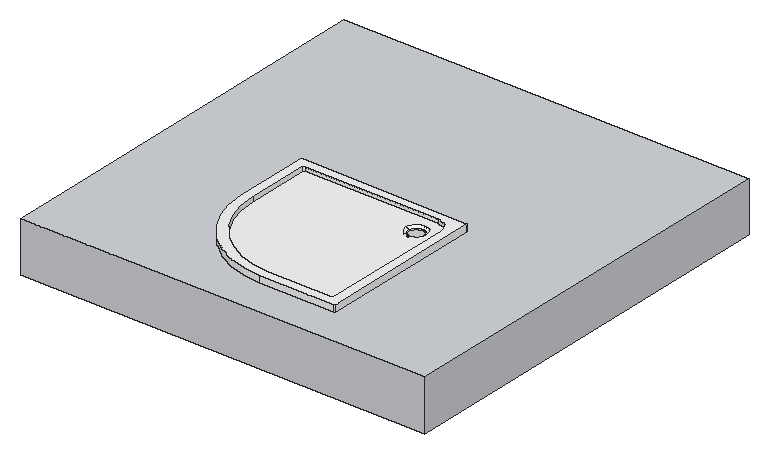
Revit family "IS_ConnectAir_E1056_BIM_DE", category Plumbing Fixtures, host Face, Revit 2014
Parameters (values of type "E105601 - Connect Air quadrant shower tray")
  WarrantyStartDate [instance] = "1900-12-31T23:59:59"
  WarrantyGuarantorParts = "idealstandard.de@idealstandard.com"
  WarrantyGuarantorLabor = "n/a"
  WarrantyDurationUnit = "year"
  WarrantyDurationParts = "n/a"
  WarrantyDurationLabor = "n/a"
  WarrantyDescription = "Manufacturers Warranty"
  VolumeUnits = "Litres"
  Version = "1"
  Uniclass2015Version = "Products v1.1"
  Uniclass2015Title = "Shower trays"
  Uniclass2015Code = "Pr_40_20_06_84"
  URL = "www.idealstandard.com"
  Type Comments = "n/a"
  TagNumber [instance] = "n/a"
  TMV3 = no
  SustainabilityPerformance = "n/a"
  SpareParts = "www.idealstandard.de/ersatzteile"
  Space = "Internal"
  Size = "1000x1000x40mm"
  ShowerType = "n/a"
  ShowerHeadDescription = "n/a"
  Shape = "Rectangular"
  SerialNumber [instance] = "n/a"
  Revision = "n/a"
  ReplacementCost = "n/a"
  ProductInformation = "www.idealstandard.de/produkte"
  Phone = "+49228 5210"
  NominalWidth = 1000 mm
  NominalLength = 1000 mm
  NominalHeight = 40 mm
  NettWeight = "14 kg"
  Name = "ShowerTrays_ConnectAir_E105601_IdealStandard"
  NBSTypeID = "n/a"
  NBSReference = "45-35-70/336"
  NBSOfficeMasterTag = "n/a"
  NBSNote = "n/a"
  NBSDescription = "Shower trays"
  NBSCertification = "n/a"
  ModelReference = Description  # "Connect Air quadrant shower tray"
  ModelNumber = Model  # "E105601"
  MaterialThickness = 0 mm
  Material = "Acrylic"
  ManufacturerURL = "www.idealstandard.com"
  LinearUnits = "millimeters"
  Keynote = "n/a"
  InstallationInstructions = "www.idealstandard.de/produkte"
  InstallationDate [instance] = "1900-12-31T23:59:59"
  IfcExportType = "SHOWER"
  IfcExportAs = "IfcSanitaryTerminalType"
  Help = "idealstandard.de@idealstandard.com"
  HasTray = yes
  HWFU = 0
  GrossWeight = "n/a"
  Grade = "n/a"
  Finish = "white"
  Features = "Connect Air quadrant shower tray"
  ExpectedLife = "25"
  DurationUnit = "year"
  DrainSize = 90 mm
  CurrencyUnit = "n/a"
  CreatedOn = "2016-11-09"
  Cost = 0
  Constituents = "n/a"
  ConnectionType = "Plumbing"
  Color = "White"
  CodePerformance = "DIN EN 14527, DIN EN 251, DIN EN 249"
  Category = "SanitaryTerminal_SHOWER"
  Reference = "n/a"
  Model = "E105601"
  Manufacturer = "idealstandard.de@idealstandard.com"
  Description = "Connect Air quadrant shower tray"
  Default Elevation = 0 mm
  CWFU = 0
  Brand = "Ideal Standard"
  BarCode = "5017830518686"
  BIMObjectName = "ISI_IdealStandard_ShowerTrays_ConnectAir_E105601"
  Author = "Ideal Standard GmbH"
  AssetType = "Fixed"
  AssetIdentifier [instance] = "n/a"
  Assembly Code = "C1030200"
  AreaUnits = "millimeters"
  AreaMeasurement = "n/a"
  Accessories = "www.idealstandard.de\\ersatzteile"
  AccessibilityPerformance = "n/a"
Reference planes
  plane 1 "Center (Front/Back)": y = 0
  plane 2: z = 0
  plane 3 "Center (Left/Right)": x = 0
  plane 4: x = 500
  plane 5: x = -500
  plane 6: y = -1000
  plane 7: z = 40
  plane 8: z = 15
  plane 9: y = -50
  plane 10: x = -450
  plane 11: x = 450
  plane 12: y = -950
  plane 13: x = 330
  plane 14: y = -170
Forms (mm)
  Extrusion 1, solid
    sketch origin (0, 0, 0) x (1, 0, 0) y (0, 1, 0)
      loop
        line (-1219.2, 1219.2) -> (-1219.2, -1219.2) -> (1219.2, -1219.2) -> (1219.2, 1219.2) -> (-1219.2, 1219.2)
    from 0 to -304.8
  Extrusion 2, solid, material "IS_RenderMaterial_VitreousChina"
    sketch origin (0, 0, 0) x (1, 0, 0) y (0, 1, 0)
      loop
        arc (-494, 0) -> (-498.243, -1.757) -> (-500, -6) r 6
        line (-500, -6) -> (-500, -450)
        arc (-500, -450) -> (-338.909, -838.909) -> (50, -1000) r 550
        line (50, -1000) -> (494, -1000)
        arc (494, -1000) -> (498.243, -998.243) -> (500, -994) r 6
        line (500, -994) -> (500, -6)
        arc (500, -6) -> (498.243, -1.757) -> (494, 0) r 6
        line (494, 0) -> (-494, 0)
    from 0 to 40
  Extrusion 3, void
    sketch origin (0, 0, 40) x (0, 1, 0) y (1, 0, 0)
      loop
        arc (-50, 360) -> (-76.36, 423.64) -> (-140, 450) r 90
        line (-140, 450) -> (-940, 450)
        arc (-940, 450) -> (-947.071, 447.071) -> (-950, 440) r 10
        line (-950, 440) -> (-950, 70)
        arc (-950, 70) -> (-797.696, -297.696) -> (-430, -450) r 520
        line (-430, -450) -> (-60, -450)
        arc (-60, -450) -> (-52.929, -447.071) -> (-50, -440) r 10
        line (-50, -440) -> (-50, 360)
    from 0 to 25
  Revolve 4, void
    sketch origin (267.306, -170, 1219.2) x (-1, 0, 0) y (0, 0, 1)
      loop
        line (-62.694, -1204.2) -> (-62.694, -1219.2) -> (-17.694, -1219.2) -> (-17.694, -1215.167) -> (-0.688, -1204.2) -> (-62.694, -1204.2)
      loop
        line (-7.694, -1219.2) -> (19.055, -1219.2) -> (10.71, -1213.78) -> (0.71, -1213.78) -> (-7.694, -1219.2)
      axis (-62.694, -1219.2) -> (-62.694, -1204.2)
    angle from 0 to 360
Cuts and joins
  Extrusion 3, Revolve 4 cuts Extrusion 2
Dimensions and locks
  "NominalWidth": plane 4 to plane 5
  "NominalHeight": plane 7 to Extrusion 1
  "NominalLength": plane 1 "Center (Front/Back)" to plane 6
  aligned and locked: plane 2 to Extrusion 1
  aligned and locked: level to Extrusion 1
  aligned and locked: plane 1 "Center (Front/Back)" to Extrusion 2 sketch curve
  aligned and locked: plane 5 to Extrusion 2 sketch curve
  aligned and locked: Extrusion 2 sketch curve to plane 6
  aligned and locked: Extrusion 2 sketch curve to plane 4
  aligned and locked: Extrusion 2 to plane 7
  aligned and locked: Extrusion 3 sketch curve to plane 9
  aligned and locked: Extrusion 3 sketch curve to plane 11
  aligned and locked: Extrusion 3 sketch curve to plane 12
  aligned and locked: plane 10 to Extrusion 3 sketch curve
  aligned and locked: Extrusion 3 to plane 8
Automatic sketch dimensions
  Extrusion 1 sketch curve to Extrusion 1 sketch curve = 2438.4 mm  (x2)
  Extrusion 2 sketch curve to Extrusion 2 sketch curve = 6 mm  (x2)
  plane 3 "Center (Left/Right)" to Extrusion 2 sketch curve = 50 mm
  Extrusion 2 sketch curve to plane 4 = 6 mm
  Extrusion 3 sketch curve to Extrusion 3 sketch curve = 10 mm  (x2)
  Extrusion 3 sketch curve to Extrusion 2 = 430 mm
  Extrusion 3 sketch curve to Extrusion 3 sketch curve = 90 mm
  Revolve 4 sketch curve to plane 8 = 0 mm
  Revolve 4 sketch curve to plane 13 = 0 mm  (x2)
  Revolve 4 sketch curve to level = 0 mm  (x2)
  Revolve 4 sketch curve to Revolve 4 sketch curve = 45 mm
  Revolve 4 sketch curve to Revolve 4 sketch curve = 10 mm  (x2)
  Revolve 4 sketch curve to Revolve 4 sketch curve = 7.006 mm
  level to Revolve 4 sketch curve = 5.42 mm
  Revolve 4 sketch curve to Revolve 4 sketch curve = 1.398 mm
  Revolve 4 sketch curve to Revolve 4 sketch curve = 8.346 mm
  Revolve 4 sketch curve to Revolve 4 sketch curve = 4.033 mm
  Revolve 4 sketch curve to level = 6.618 mm
  Revolve 4 sketch curve to Revolve 4 sketch curve = 5.334 mm
Connectors
  piping at (330, -170, 0), diameter 90
    settings: on cut or joined group of Extrusion 2, Extrusion 3, Revolve 4, index 1, connector inside diameter 24", connector length 0 mm, flow factor 0, pipe flow 0 GPM, pressure drop 0.00 psi, fitting loss kfactor 0, connector angle 0.00°, fixture units 0, engagement length 0 mm, angle of deflection 0.00°, flow configuration 2, flow direction 2, fitting loss method 0, system type 16, joint type 0, gender type 0, connector reference index -1, connector utility 0, adjustable connector no, is connector primary yes, connector description ""
